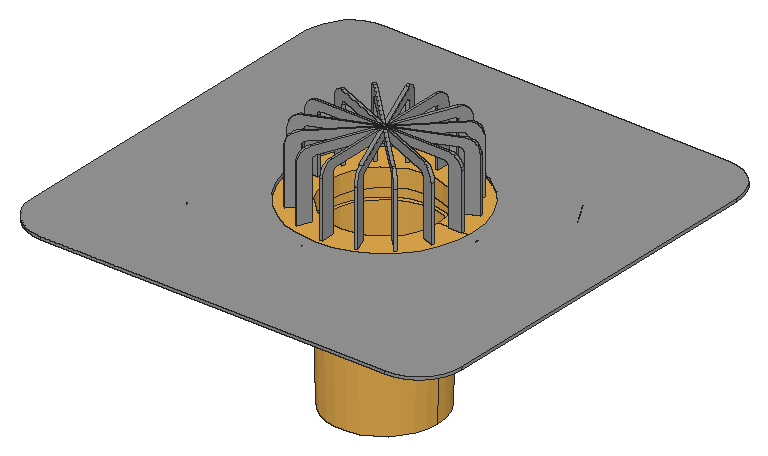
Revit family "TOPWET_Střešní vpust TW(E) 125 S", category Instalační zařizovací předměty, Revit 2016 (continued)
Definition of nested family "Šachta pro zelené střechy"
  Definition of nested family "Lamela 380x380"
    Automatic sketch dimensions
      Extrusion 3 sketch curve to plane 1 "Střed (vpředu/vzadu)" = 21 mm
      Extrusion 3 sketch curve to Extrusion 3 sketch curve = 50 mm  (x3)
      Extrusion 3 sketch curve to Extrusion 3 sketch curve = 115 mm
      Extrusion 3 sketch curve to Extrusion 3 sketch curve = 46 mm
      Extrusion 3 sketch curve to Extrusion 3 sketch curve = 4 mm
      Extrusion 3 sketch curve to level = 100 mm
      Extrusion 3 sketch curve to Extrusion 3 sketch curve = 0 mm  (x4)
      Extrusion 3 sketch curve to level = 49.314 mm
      Extrusion 3 sketch curve to Extrusion 3 sketch curve = 11.314 mm  (x2)
      Extrusion 3 sketch curve to level = 38 mm
      Extrusion 3 sketch curve to Extrusion 3 sketch curve = 19 mm
      Extrusion 3 sketch curve to Extrusion 3 sketch curve = 62 mm
      Extrusion 2 sketch curve to plane 3 "Střed (vlevo/vpravo)" = 151 mm
      Extrusion 2 sketch curve to Extrusion 2 sketch curve = 17 mm  (x7)
      Extrusion 2 sketch curve to level = 38 mm  (x6)
      Extrusion 2 sketch curve to Extrusion 2 sketch curve = 19 mm  (x2)
      Extrusion 2 sketch curve to Extrusion 2 sketch curve = 28 mm  (x2)
      plane 3 "Střed (vlevo/vpravo)" to Extrusion 2 sketch curve = 4 mm
      Extrusion 2 sketch curve to plane 3 "Střed (vlevo/vpravo)" = 15 mm
      plane 3 "Střed (vlevo/vpravo)" to Extrusion 2 sketch curve = 21 mm
      Extrusion 2 sketch curve to Extrusion 2 sketch curve = 50 mm  (x3)
      Extrusion 2 sketch curve to Extrusion 2 sketch curve = 46 mm  (x2)
      Extrusion 2 sketch curve to level = 49.314 mm
      Extrusion 2 sketch curve to Extrusion 2 sketch curve = 4 mm
      Extrusion 2 sketch curve to Extrusion 2 sketch curve = 0 mm
      Extrusion 2 sketch curve to Extrusion 2 sketch curve = 33.686 mm
      Extrusion 2 sketch curve to Extrusion 2 sketch curve = 62 mm
      Extrusion 5 sketch curve to plane 3 "Střed (vlevo/vpravo)" = 185 mm
      Extrusion 5 sketch curve to Extrusion 5 sketch curve = 4 mm
      Extrusion 5 sketch curve to Extrusion 5 sketch curve = 46 mm
      Extrusion 5 sketch curve to plane 3 "Střed (vlevo/vpravo)" = 181 mm
      Extrusion 5 sketch curve to Extrusion 5 sketch curve = 50 mm  (x2)
      Extrusion 5 sketch curve to plane 3 "Střed (vlevo/vpravo)" = 66 mm
      Extrusion 5 sketch curve to Extrusion 5 sketch curve = 17 mm  (x7)
      plane 3 "Střed (vlevo/vpravo)" to Extrusion 5 sketch curve = 15 mm
      Extrusion 5 sketch curve to plane 3 "Střed (vlevo/vpravo)" = 21 mm
      Extrusion 5 sketch curve to plane 3 "Střed (vlevo/vpravo)" = 4 mm
      plane 3 "Střed (vlevo/vpravo)" to Extrusion 5 sketch curve = 34 mm
      Extrusion 5 sketch curve to Extrusion 5 sketch curve = 28 mm
      Extrusion 5 sketch curve to Extrusion 5 sketch curve = 38 mm
      Extrusion 5 sketch curve to level = 100 mm
      Extrusion 5 sketch curve to Extrusion 5 sketch curve = 0 mm  (x4)
      Extrusion 5 sketch curve to level = 49.314 mm
      Extrusion 5 sketch curve to Extrusion 5 sketch curve = 11.314 mm  (x2)
      Extrusion 5 sketch curve to level = 38 mm
      Extrusion 5 sketch curve to Extrusion 5 sketch curve = 19 mm
      Extrusion 5 sketch curve to Extrusion 5 sketch curve = 62 mm
      Extrusion 6 sketch curve to plane 1 "Střed (vpředu/vzadu)" = 190 mm
      plane 1 "Střed (vpředu/vzadu)" to Extrusion 6 sketch curve = 190 mm
      Extrusion 6 sketch curve to plane 3 "Střed (vlevo/vpravo)" = 190 mm
      plane 3 "Střed (vlevo/vpravo)" to Extrusion 6 sketch curve = 190 mm
      radius of Extrusion 4 sketch curve = 12 mm  (x5)
      radius of Extrusion 3 sketch curve = 12 mm  (x5)
      radius of Extrusion 2 sketch curve = 12 mm  (x5)
      radius of Extrusion 5 sketch curve = 12 mm  (x5)
Definition of nested family "Mechanická zápachová klapka"
  Parameters (values of type "Mechanická zápachová klapka")
    Manufacturer = "TOPWET"  # constant formula
    URL = "http://www.topwet.cz/produkty/265-mechanicka-zapachova-klapka"
    Type Image = element 926192
    Description = "Příslušenství vpusti"
    OBJEDNACÍ KÓD [instance] = "TWZU KL"
    Model = "viz OBJEDNACÍ KÓD"
    Type Comments = "Mechanická zápachová klapka TOPWET se zvýšenou odtokovou kapacitou a samočisticí schopností. Určena pro střešní vpusti, terasové vpusti a nástavce TOPWET. Klapku není vhodné umisťovat do prostředí bez volné cirkulace vzduchu."
    Keynote = ""
    Cost = 0
    COPYRIGHT = "©TOPWET"  # constant formula
  Reference planes
    plane 1 "Střed (vpředu/vzadu)": y = 0
    plane 2: z = 0
    plane 3 "Střed (vlevo/vpravo)": x = 0
  Forms (mm)
    Revolve 1, solid, detail levels medium+fine
      sketch origin (0, 0, 0) x (1, 0, 0) y (0, 0, 1)
        loop
          line (0, 0) -> (0, -61.3) -> (10, -61.3)
          arc (10, -61.3) -> (40.406, -48.706) -> (53, -18.3) r 43
          line (53, -18.3) -> (53, -9.3) -> (57, -9.3) -> (57, 0) -> (0, 0)
        axis (0, -61.3) -> (0, 0)
      angle from 0 to 360
    Extrusion 2, void
      sketch origin (0, 0, 0) x (1, 0, 0) y (0, 0, 1)
        loop
          line (-57, -9.3) -> (-57, -66.596) -> (-10.061, -66.596) -> (4.954, -10.558)
          arc (4.954, -10.558) -> (6.719, -9.768) -> (7.852, -11.335) r 1.532
          line (7.852, -11.335) -> (5.852, -18.8) -> (10.5, -18.8) -> (10.5, -9.3) -> (-57, -9.3)
      from -80 to 80
    Extrusion 3, void
      sketch origin (0, 0, 0) x (0, 1, 0) y (0, 0, 1)
        loop
          line (-42, -9.3) -> (-56, -9.3) -> (-56, -51.3) -> (-42, -51.3) -> (-42, -9.3)
        loop
          line (42, -9.3) -> (42, -51.3) -> (56, -51.3) -> (56, -9.3) -> (42, -9.3)
      from -19.66 to 60.954
    Revolve 4, void
      sketch origin (0, 0, 0) x (1, 0, 0) y (0, 0, 1)
        loop
          line (0, -5.448) -> (50.5, 0) -> (0, 0) -> (0, -5.448)
        axis (0, -5.448) -> (0, 0)
      angle from 0 to 360
    Extrusion 5, solid, detail levels medium+fine
      sketch origin (0, 0, 0) x (1, 0, 0) y (0, 1, 0)
        loop
          line (-43, -26.482) -> (-43, 26.482)
          arc (-43, 26.482) -> (-50.5, 0) -> (-43, -26.482) r 50.5
      from -9.3 to 0
    Extrusion 6, void
      sketch origin (0, 0, 0) x (0, 1, 0) y (0, 0, 1)
        loop
          line (37, -18.8) -> (42, -18.8) -> (42, -9.3) -> (37, -9.3) -> (37, -18.8)
        loop
          line (-37, -18.8) -> (-37, -9.3) -> (-42, -9.3) -> (-42, -18.8) -> (-37, -18.8)
      from 0 to 10.5
  Cuts and joins
    Extrusion 2, Extrusion 3, Revolve 4, Extrusion 6 cuts Revolve 1
    Extrusion 6 cuts Extrusion 5
    joined: Revolve 1, Extrusion 5
  Lines and regions (mm)
    model lines, detail levels fine
      curve 1: line (5.852, 41.938, 0) -> (28.134, 41.938, 0)
      curve 2: spline (5.852, 41.938, 0) -> (2.904, 40.509, 0) -> (0.158, 36.319, 0) -> (-2.201, 29.654, 0) -> (-4.01, 20.969, 0) -> (-5.148, 10.854, 0) -> (-5.536, 0, 0) -> (-5.148, -10.854, 0) -> (-4.01, -20.969, 0) -> (-2.201, -29.654, 0) -> (0.158, -36.319, 0) -> (2.904, -40.509, 0) -> (5.852, -41.938, 0)
      curve 3: line (5.852, -41.938, 0) -> (28.134, -41.938, 0)
      curve 4: line (30.907, -39.938, 0) -> (9, -39.938, 0)
      curve 5: line (9, -39.938, 0) -> (9, -1, 0)
      curve 6: line (9, -1, 0) -> (9, 39.938, 0)
      curve 7: line (13, -39.938, 0) -> (13, 39.938, 0)
      curve 8: line (5.852, 41.938, 0) -> (28.134, 41.938, 0)
      curve 9: line (9, 39.938, 0) -> (30.907, 39.938, 0)
      curve 10: line (-1.25, -1, 0) -> (13, -1, 0)
      curve 11: line (-1.25, 1, 0) -> (-1.25, -1, 0)
      curve 12: line (13, 1, 0) -> (-1.25, 1, 0)
      curve 13: line (13, -1, 0) -> (13, 1, 0)
  Dimensions and locks
    aligned and locked: level to plane 2
Definition of nested family "Vodní zápachová uzávěra"
  Parameters (values of type "Vodní zápachová uzávěra")
    Manufacturer = "TOPWET"  # constant formula
    URL = "http://www.topwet.cz/produkty/266-vodni-zapachova-uzavera"
    Type Image = element 925471
    Description = "Příslušenství vpusti"
    OBJEDNACÍ KÓD [instance] = "TWZU"
    Model = "viz OBJEDNACÍ KÓD"
    Type Comments = "Vodní zápachová uzávěra TOPWET nové generace se zvýšenou odtokovou kapacitou. Určena pro střešní vpusti, terasové vpusti a nástavce TOPWET. Výška vodní hladiny 50 mm. Klapka je určena do prostředí bez volné cirkulace vzduchu a do míst, kde je eliminována možnost zamrznutí."
    Keynote = ""
    Cost = 0
    COPYRIGHT = "©TOPWET"  # constant formula
  Reference planes
    plane 1 "Střed (vpředu/vzadu)": y = 0
    plane 2: z = 0
    plane 3 "Střed (vlevo/vpravo)": x = 0
  Forms (mm)
    Revolve 1, solid, detail levels medium+fine
      sketch origin (0, 0, 5.7) x (1, 0, 0) y (0, 0, 1)
        loop
          line (0, 0) -> (0, -2.2) -> (31.791, -2.2)
          arc (31.791, -2.2) -> (35.815, -3.823) -> (37.587, -7.783) r 5.8
          line (37.587, -7.783) -> (39.201, -54) -> (41.402, -54) -> (39.785, -7.704)
          arc (39.785, -7.704) -> (37.342, -2.239) -> (31.791, 0) r 8
          line (31.791, 0) -> (0, 0)
        loop
          line (25.5, -13) -> (25.5, -57)
          arc (25.5, -57) -> (27.843, -62.657) -> (33.5, -65) r 8
          line (33.5, -65) -> (44.75, -65)
          arc (44.75, -65) -> (50.407, -62.657) -> (52.75, -57) r 8
          line (52.75, -57) -> (52.75, -19.574) -> (55, -13.392) -> (55, -5.7) -> (50.55, -5.7) -> (50.55, -57)
          arc (50.55, -57) -> (48.851, -61.101) -> (44.75, -62.8) r 5.8
          line (44.75, -62.8) -> (33.5, -62.8)
          arc (33.5, -62.8) -> (29.399, -61.101) -> (27.7, -57) r 5.8
          line (27.7, -57) -> (27.7, -13) -> (25.5, -13)
        axis (0, -65) -> (0, 0)
      angle from 0 to 360
  Dimensions and locks
    aligned and locked: level to plane 2
Definition of nested family "Odvodňovací kroužek pro ochranný koš TW ODK"
  Parameters (values of type "Odvodňovací kroužek pro ochranný koš TW ODK")
    Manufacturer = "TOPWET"  # constant formula
    URL = "http://www.topwet.cz/produkty/269-odvodnovaci-krouzek"
    Type Image = element 924484
    Seříznutí [instance] = 0 mm
    Description = "Příslušenství vpusti"
    OBJEDNACÍ KÓD [instance] = "TW ODK"
    Model = "viz OBJEDNACÍ KÓD"
    Type Comments = "TW ODK, Odvodňovací kroužek"
    Keynote = "TW ODK"
    Cost = 0
    COPYRIGHT = "©TOPWET"  # constant formula
  Reference planes
    plane 1 "Střed (vpředu/vzadu)": y = 0
    plane 2: z = 0
    plane 3 "Střed (vlevo/vpravo)": x = 0
    plane 4: z = -33
    plane 5: z = -33
    plane 6: z = -33
  Forms (mm)
    Extrusion 1, solid, detail levels medium+fine
      sketch origin (0, 0, 0) x (1, 0, 0) y (0, 1, 0)
        loop
          circle (0, 0) r 64.5
        loop
          circle (0, 0) r 67.5
      from 15 to -18
    Sweep 2, void
      path origin (0, 0, 0) x (0.987688, 0.156434, 0) y (-0.156434, 0.987688, 0)
        loop
          line (0, -72.5) -> (0, 72.5)
      profile origin (0, 0, 0) x (-0.987688, -0.156434, 0) y (0, 0, 1)
        loop
          line (7.4, -18) -> (7.4, -4.2)
          arc (7.4, -4.2) -> (6.521, -2.079) -> (4.4, -1.2) r 3
          line (4.4, -1.2) -> (-4.4, -1.2)
          arc (-4.4, -1.2) -> (-6.521, -2.079) -> (-7.4, -4.2) r 3
          line (-7.4, -4.2) -> (-7.4, -18) -> (7.4, -18)
    Sweep 3, void
      path origin (0, 0, 0) x (0.891007, 0.45399, 0) y (-0.45399, 0.891007, 0)
        loop
          line (0, -72.5) -> (0, 72.5)
      profile origin (0, 0, 0) x (-0.891007, -0.45399, 0) y (0, 0, 1)
        loop
          line (7.4, -18) -> (7.4, -4.2)
          arc (7.4, -4.2) -> (6.521, -2.079) -> (4.4, -1.2) r 3
          line (4.4, -1.2) -> (-4.4, -1.2)
          arc (-4.4, -1.2) -> (-6.521, -2.079) -> (-7.4, -4.2) r 3
          line (-7.4, -4.2) -> (-7.4, -18) -> (7.4, -18)
    Sweep 4, void
      path origin (0, 0, 0) x (0.707107, 0.707107, 0) y (-0.707107, 0.707107, 0)
        loop
          line (0, -72.5) -> (0, 72.5)
      profile origin (0, 0, 0) x (-0.707107, -0.707107, 0) y (0, 0, 1)
        loop
          line (7.4, -18) -> (7.4, -4.2)
          arc (7.4, -4.2) -> (6.521, -2.079) -> (4.4, -1.2) r 3
          line (4.4, -1.2) -> (-4.4, -1.2)
          arc (-4.4, -1.2) -> (-6.521, -2.079) -> (-7.4, -4.2) r 3
          line (-7.4, -4.2) -> (-7.4, -18) -> (7.4, -18)
    Sweep 5, void
      path origin (0, 0, 0) x (0.45399, 0.891007, 0) y (-0.891007, 0.45399, 0)
        loop
          line (0, -72.5) -> (0, 72.5)
      profile origin (0, 0, 0) x (-0.45399, -0.891007, 0) y (0, 0, 1)
        loop
          line (7.4, -18) -> (7.4, -4.2)
          arc (7.4, -4.2) -> (6.521, -2.079) -> (4.4, -1.2) r 3
          line (4.4, -1.2) -> (-4.4, -1.2)
          arc (-4.4, -1.2) -> (-6.521, -2.079) -> (-7.4, -4.2) r 3
          line (-7.4, -4.2) -> (-7.4, -18) -> (7.4, -18)
    Sweep 6, void
      path origin (0, 0, 0) x (0.156434, 0.987688, 0) y (-0.987688, 0.156434, 0)
        loop
          line (0, -72.5) -> (0, 72.5)
      profile origin (0, 0, 0) x (-0.156434, -0.987688, 0) y (0, 0, 1)
        loop
          line (7.4, -18) -> (7.4, -4.2)
          arc (7.4, -4.2) -> (6.521, -2.079) -> (4.4, -1.2) r 3
          line (4.4, -1.2) -> (-4.4, -1.2)
          arc (-4.4, -1.2) -> (-6.521, -2.079) -> (-7.4, -4.2) r 3
          line (-7.4, -4.2) -> (-7.4, -18) -> (7.4, -18)
    Sweep 7, void
      path origin (0, 0, 0) x (-0.987688, 0.156434, 0) y (0.156434, 0.987688, 0)
        loop
          line (0, -72.5) -> (0, 72.5)
      profile origin (0, 0, 0) x (-0.987688, 0.156434, 0) y (0, 0, 1)
        loop
          line (-7.4, -18) -> (7.4, -18) -> (7.4, -4.2)
          arc (7.4, -4.2) -> (6.521, -2.079) -> (4.4, -1.2) r 3
          line (4.4, -1.2) -> (-4.4, -1.2)
          arc (-4.4, -1.2) -> (-6.521, -2.079) -> (-7.4, -4.2) r 3
          line (-7.4, -4.2) -> (-7.4, -18)
    Sweep 8, void
      path origin (0, 0, 0) x (-0.891007, 0.45399, 0) y (0.45399, 0.891007, 0)
        loop
          line (0, -72.5) -> (0, 72.5)
      profile origin (0, 0, 0) x (-0.891007, 0.45399, 0) y (0, 0, 1)
        loop
          line (-7.4, -18) -> (7.4, -18) -> (7.4, -4.2)
          arc (7.4, -4.2) -> (6.521, -2.079) -> (4.4, -1.2) r 3
          line (4.4, -1.2) -> (-4.4, -1.2)
          arc (-4.4, -1.2) -> (-6.521, -2.079) -> (-7.4, -4.2) r 3
          line (-7.4, -4.2) -> (-7.4, -18)
    Sweep 9, void
      path origin (0, 0, 0) x (-0.707107, 0.707107, 0) y (0.707107, 0.707107, 0)
        loop
          line (0, -72.5) -> (0, 72.5)
      profile origin (0, 0, 0) x (-0.707107, 0.707107, 0) y (0, 0, 1)
        loop
          line (-7.4, -18) -> (7.4, -18) -> (7.4, -4.2)
          arc (7.4, -4.2) -> (6.521, -2.079) -> (4.4, -1.2) r 3
          line (4.4, -1.2) -> (-4.4, -1.2)
          arc (-4.4, -1.2) -> (-6.521, -2.079) -> (-7.4, -4.2) r 3
          line (-7.4, -4.2) -> (-7.4, -18)
    Sweep 10, void
      path origin (0, 0, 0) x (-0.45399, 0.891007, 0) y (0.891007, 0.45399, 0)
        loop
          line (0, -72.5) -> (0, 72.5)
      profile origin (0, 0, 0) x (-0.45399, 0.891007, 0) y (0, 0, 1)
        loop
          line (-7.4, -18) -> (7.4, -18) -> (7.4, -4.2)
          arc (7.4, -4.2) -> (6.521, -2.079) -> (4.4, -1.2) r 3
          line (4.4, -1.2) -> (-4.4, -1.2)
          arc (-4.4, -1.2) -> (-6.521, -2.079) -> (-7.4, -4.2) r 3
          line (-7.4, -4.2) -> (-7.4, -18)
    Sweep 11, void
      path origin (0, 0, 0) x (-0.156434, 0.987688, 0) y (0.987688, 0.156434, 0)
        loop
          line (0, -72.5) -> (0, 72.5)
      profile origin (0, 0, 0) x (-0.156434, 0.987688, 0) y (0, 0, 1)
        loop
          line (-7.4, -18) -> (7.4, -18) -> (7.4, -4.2)
          arc (7.4, -4.2) -> (6.521, -2.079) -> (4.4, -1.2) r 3
          line (4.4, -1.2) -> (-4.4, -1.2)
          arc (-4.4, -1.2) -> (-6.521, -2.079) -> (-7.4, -4.2) r 3
          line (-7.4, -4.2) -> (-7.4, -18)
    Extrusion 12, solid, detail levels medium+fine
      sketch origin (0, 0, 0) x (1, 0, 0) y (0, 1, 0)
        loop
          circle (0, 0) r 60
        loop
          circle (0, 0) r 64.5
      from -18 to -33
    Extrusion 13, void
      sketch origin (0, -60, -33) x (0, 1, 0) y (-1, 0, 0)
        loop
          circle (60, 0) r 70
      from -10 to 0 <- "Seříznutí"
  Cuts and joins
    Sweep 2, Sweep 3, Sweep 4, Sweep 5, Sweep 6, Sweep 7, Sweep 8, Sweep 9, Sweep 10, Sweep 11, Extrusion 13 cuts Extrusion 1
    Extrusion 13 cuts Extrusion 12
  Dimensions and locks
    "Seříznutí": plane 5 to plane 4
    locked: plane 6 to plane 5 at 0
    aligned and locked: level to plane 2
  Automatic sketch dimensions
    Extrusion 1 sketch curve to Extrusion 1 sketch curve = 0 mm  (x2)
    plane 1 "Střed (vpředu/vzadu)" to Extrusion 1 sketch curve = 0 mm
    Extrusion 1 sketch curve to plane 3 "Střed (vlevo/vpravo)" = 0 mm
    Sweep 2 sketch curve to plane 3 "Střed (vlevo/vpravo)" = 11.341 mm
    Sweep 2 sketch curve to plane 1 "Střed (vpředu/vzadu)" = 71.607 mm
    Sweep 2 sketch curve to Sweep 2 sketch curve = 145 mm
    profile plane to Sweep 2 sketch curve = 7.4 mm
    Sweep 2 sketch curve to level = 1.2 mm
    Sweep 2 sketch curve to Sweep 2 sketch curve = 3 mm
    Sweep 2 sketch curve to profile plane = 4.4 mm
    Sweep 2 sketch curve to profile plane = 7.4 mm
    Sweep 2 sketch curve to Sweep 2 sketch curve = 13.8 mm
    Sweep 3 sketch curve to plane 3 "Střed (vlevo/vpravo)" = 32.914 mm
    Sweep 3 sketch curve to plane 1 "Střed (vpředu/vzadu)" = 64.598 mm
    Sweep 3 sketch curve to Sweep 3 sketch curve = 145 mm
    profile plane to Sweep 3 sketch curve = 7.4 mm
    Sweep 3 sketch curve to level = 1.2 mm
    Sweep 3 sketch curve to Sweep 3 sketch curve = 3 mm
    Sweep 3 sketch curve to profile plane = 4.4 mm
    Sweep 3 sketch curve to profile plane = 7.4 mm
    Sweep 3 sketch curve to Sweep 3 sketch curve = 13.8 mm
    Sweep 4 sketch curve to plane 1 "Střed (vpředu/vzadu)" = 51.265 mm
    Sweep 4 sketch curve to plane 3 "Střed (vlevo/vpravo)" = 51.265 mm
    Sweep 4 sketch curve to Sweep 4 sketch curve = 145 mm
    profile plane to Sweep 4 sketch curve = 7.4 mm
    Sweep 4 sketch curve to level = 1.2 mm
    Sweep 4 sketch curve to Sweep 4 sketch curve = 3 mm
    Sweep 4 sketch curve to profile plane = 4.4 mm
    Sweep 4 sketch curve to profile plane = 7.4 mm
    Sweep 4 sketch curve to Sweep 4 sketch curve = 13.8 mm
    Sweep 5 sketch curve to plane 1 "Střed (vpředu/vzadu)" = 32.914 mm
    Sweep 5 sketch curve to plane 3 "Střed (vlevo/vpravo)" = 64.598 mm
    Sweep 5 sketch curve to Sweep 5 sketch curve = 145 mm
    profile plane to Sweep 5 sketch curve = 7.4 mm
    Sweep 5 sketch curve to level = 1.2 mm
    Sweep 5 sketch curve to Sweep 5 sketch curve = 3 mm
    Sweep 5 sketch curve to profile plane = 4.4 mm
    Sweep 5 sketch curve to profile plane = 7.4 mm
    Sweep 5 sketch curve to Sweep 5 sketch curve = 13.8 mm
    Sweep 6 sketch curve to plane 1 "Střed (vpředu/vzadu)" = 11.341 mm
    Sweep 6 sketch curve to plane 3 "Střed (vlevo/vpravo)" = 71.607 mm
    Sweep 6 sketch curve to Sweep 6 sketch curve = 145 mm
    profile plane to Sweep 6 sketch curve = 7.4 mm
    Sweep 6 sketch curve to level = 1.2 mm
    Sweep 6 sketch curve to Sweep 6 sketch curve = 3 mm
    Sweep 6 sketch curve to profile plane = 4.4 mm
    Sweep 6 sketch curve to profile plane = 7.4 mm
    Sweep 6 sketch curve to Sweep 6 sketch curve = 13.8 mm
    Sweep 7 sketch curve to plane 3 "Střed (vlevo/vpravo)" = 11.341 mm
    plane 1 "Střed (vpředu/vzadu)" to Sweep 7 sketch curve = 71.607 mm
    Sweep 7 sketch curve to Sweep 7 sketch curve = 145 mm
    profile plane to Sweep 7 sketch curve = 7.4 mm
    Sweep 7 sketch curve to level = 1.2 mm
    Sweep 7 sketch curve to Sweep 7 sketch curve = 3 mm
    Sweep 7 sketch curve to profile plane = 4.4 mm
    Sweep 7 sketch curve to profile plane = 7.4 mm
    Sweep 7 sketch curve to Sweep 7 sketch curve = 13.8 mm
    Sweep 8 sketch curve to plane 3 "Střed (vlevo/vpravo)" = 32.914 mm
    plane 1 "Střed (vpředu/vzadu)" to Sweep 8 sketch curve = 64.598 mm
    Sweep 8 sketch curve to Sweep 8 sketch curve = 145 mm
    profile plane to Sweep 8 sketch curve = 7.4 mm
    Sweep 8 sketch curve to level = 1.2 mm
    Sweep 8 sketch curve to Sweep 8 sketch curve = 3 mm
    Sweep 8 sketch curve to profile plane = 4.4 mm
    Sweep 8 sketch curve to profile plane = 7.4 mm
    Sweep 8 sketch curve to Sweep 8 sketch curve = 13.8 mm
    plane 1 "Střed (vpředu/vzadu)" to Sweep 9 sketch curve = 51.265 mm
    Sweep 9 sketch curve to plane 3 "Střed (vlevo/vpravo)" = 51.265 mm
    Sweep 9 sketch curve to Sweep 9 sketch curve = 145 mm
    profile plane to Sweep 9 sketch curve = 7.4 mm
    Sweep 9 sketch curve to level = 1.2 mm
    Sweep 9 sketch curve to Sweep 9 sketch curve = 3 mm
    Sweep 9 sketch curve to profile plane = 4.4 mm
    Sweep 9 sketch curve to profile plane = 7.4 mm
    Sweep 9 sketch curve to Sweep 9 sketch curve = 13.8 mm
    plane 1 "Střed (vpředu/vzadu)" to Sweep 10 sketch curve = 32.914 mm
    Sweep 10 sketch curve to plane 3 "Střed (vlevo/vpravo)" = 64.598 mm
    Sweep 10 sketch curve to Sweep 10 sketch curve = 145 mm
    profile plane to Sweep 10 sketch curve = 7.4 mm
    Sweep 10 sketch curve to level = 1.2 mm
    Sweep 10 sketch curve to Sweep 10 sketch curve = 3 mm
    Sweep 10 sketch curve to profile plane = 4.4 mm
    Sweep 10 sketch curve to profile plane = 7.4 mm
    Sweep 10 sketch curve to Sweep 10 sketch curve = 13.8 mm
    plane 1 "Střed (vpředu/vzadu)" to Sweep 11 sketch curve = 11.341 mm
    Sweep 11 sketch curve to plane 3 "Střed (vlevo/vpravo)" = 71.607 mm
    Sweep 11 sketch curve to Sweep 11 sketch curve = 145 mm
    profile plane to Sweep 11 sketch curve = 7.4 mm
    Sweep 11 sketch curve to level = 1.2 mm
    Sweep 11 sketch curve to Sweep 11 sketch curve = 3 mm
    Sweep 11 sketch curve to profile plane = 4.4 mm
    Sweep 11 sketch curve to profile plane = 7.4 mm
    Sweep 11 sketch curve to Sweep 11 sketch curve = 13.8 mm
    Extrusion 12 sketch curve to Extrusion 12 sketch curve = 0 mm  (x2)
    plane 1 "Střed (vpředu/vzadu)" to Extrusion 12 sketch curve = 0 mm
    Extrusion 12 sketch curve to plane 3 "Střed (vlevo/vpravo)" = 0 mm
    plane 1 "Střed (vpředu/vzadu)" to Extrusion 13 sketch curve = 0 mm
    Extrusion 13 sketch curve to plane 3 "Střed (vlevo/vpravo)" = 0 mm
    radius of Extrusion 1 sketch curve = 64.5 mm
    radius of Extrusion 1 sketch curve = 67.5 mm
    radius of Extrusion 12 sketch curve = 60 mm
    radius of Extrusion 12 sketch curve = 64.5 mm
    radius of Extrusion 13 sketch curve = 70 mm
Types (6, lengths in mm): name | Šachta pro zelené střechy_výška | Typ nástavce střešní vpusti TWN | Terasový nástavec TW TER_výška | Perforovaný terasový nástavec TW TER P_výška | Odvodňovací kroužek TW ODK_k nástavci TW TER P | Nástavec střešní vpusti TWN_výška | VN | URL | Typ obrázku | T | OBJEDNACÍ KÓD | Límec_Materiál | Komentáře k typům | Klíčová poznámka | Elektrické vyhřívání_Vpusť
  TW 125 BIT S svislé provedení, manžeta z asfaltového pásu | 500 | Nástavec střešní vpusti TWN : TWN BIT | 150 | 220 | 1 | 300 | 368.7 | "http://www.topwet.cz/produkty/10-svisla-stresni-vpust-s-integrovanou-bitumenovou-manzetou" | TW 75 BIT S.jpg | 1 | "TW 125 BIT S" | Plast - černý | "Střešní vpust TOPWET s integrovanou manžetou z modifikovaného asfaltového pásu, svislé provedení, tepelně izolovaná - dvojstěnná s ochranným košem" | "TW 125 BIT S" | no
  TW 125 PVC S svislé provedení, manžeta z PVC | 336 | Nástavec střešní vpusti TWN : TWN PVC | 161 | 218.7 | 0 | 500 | 568.7 | "http://www.topwet.cz/produkty/26-svisla-stresni-vpust-s-integrovanou-pvc-manzetou" | TW 75 PVC S.jpg | 2 | "TW 125 PVC S" | Plast - hnědý | "Střešní vpust TOPWET s integrovanou manžetou z hydroizolační fólie na bázi PVC, svislé provedení, tepelně izolovaná - dvojstěnná s ochranným košem" | "TW 125 PVC S" | no
  TW 125___S svislé provedení, manžeta na zakázku | 500 | Nástavec střešní vpusti TWN : TWN___ | 150 | 220 | 2 | 250 | 318.7 | "http://www.topwet.cz/produkty/149-svisla-stresni-vpust-s-integrovanou-manzetou-na-zakazku" | TW 75 ___ S.jpg | 3 | "TW 125 ___ S" | Plast - šedý | "Střešní vpust TOPWET s integrovanou manžetou na zakázku (EPDM, TPO, FPO, STE, PE), svislé provedení, tepelně izolovaná - dvojstěnná s ochranným košem" | "TW 125 ___ S" | no
  TWE 125___S svislé provedení, manžeta na zakázku, vyhřívaná | 500 | Nástavec střešní vpusti TWN : TWNE___ vyhřívaný | 150 | 220 | 2 | 250 | 318.7 | "http://www.topwet.cz/produkty/150-svisla-vyhrivana-stresni-vpust-s-integrovanou-manzetou-na-zakazku" | twe-epdm-s.png | 3 | "TWE 125 ___ S" | Plast - šedý | "Vyhřívaná střešní vpust TOPWET s integrovanou manžetou na zakázku (EPDM, TPO, FPO, STE, PE), svislé provedení, tepelně izolovaná - dvojstěnná s ochranným košem, vyhřívaná 230 V s připojovacím kabelem" | "TWE 125 ___ S" | yes
  TWE 125 BIT S svislé provedení, manžeta z asfaltového pásu, vyhřívaná | 500 | Nástavec střešní vpusti TWN : TWNE BIT vyhřívaný | 150 | 220 | 2 | 250 | 318.7 | "http://www.topwet.cz/produkty/20-svisla-vyhrivana-stresni-vpust-s-integrovanou-bitumenovou-manzetou" | twe-bit-s.png | 1 | "TWE 125 BIT S" | Plast - černý | "Vyhřívaná střešní vpust TOPWET s integrovanou manžetou z modifikovaného asfaltového pásu, svislé provedení, tepelně izolovaná - dvojstěnná s ochranným košem, vyhřívaná 230 V s připojovacím kabelem" | "TWE 125 BIT S" | yes
  TWE 125 PVC S svislé provedení, manžeta z PVC, vyhřívaná | 336 | Nástavec střešní vpusti TWN : TWNE PVC vyhřívaný | 161 | 218.7 | 0 | 500 | 568.7 | "http://www.topwet.cz/produkty/30-svisla-vyhrivana-stresni-vpust-s-integrovanou-pvc-manzetou" | twe-pvc-s.png | 2 | "TWE 125 PVC S" | Plast - hnědý | "Vyhřívaná střešní vpust TOPWET s integrovanou manžetou z hydroizolační fólie na bázi PVC, svislé provedení, tepelně izolovaná - dvojstěnná s ochranným košem, vyhřívaná 230 V s připojovacím kabelem" | "TWE 125 PVC S" | yes
